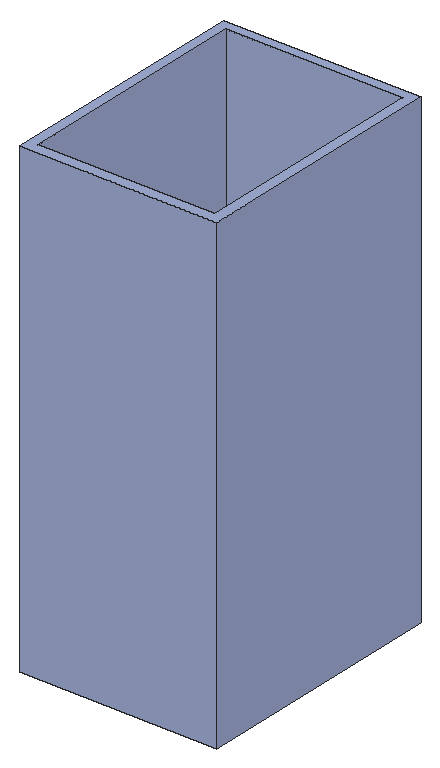
Revit family
Parameters (values of type "18x24")
  WIDTH = 2' - 0"
  T.O. VERT DUCT - AFF [instance] = 6' - 0"
  Material Thickness = 0' - 1"
  Material = Acoustical Surfaces - Quiet Liner
  LENGTH [instance] = 4' - 0"
  HEIGHT = 1' - 6"
Types (3): name | WIDTH | Material Thickness | HEIGHT
  (no name) | 2' - 0" | 0' - 1" | 1' - 6"
  18x24 | 2' - 0" | 0' - 1" | 1' - 6"
  24x30 | 2' - 6" | 0' - 2" | 2' - 0"
Reference planes (in)
  plane 1 "Center F/B": y = 1.97217
  plane 2: z = 0
  plane 3 "Center L/R": x = -0.82032
  plane 4: y = 13.97217
  plane 5: y = -10.02783
  plane 6 "CENTER OF DUCT": z = 72
  plane 7: x = -9.82032
  plane 8: x = 8.17968
  plane 9: z = 24
Forms (in)
  Sweep 1, solid, material "Acoustical Surfaces - Quiet Liner" <- "Material"
    path origin (0, 1.97217, 0) x (1, 0, 0) y (0, 0, 1)
      loop
        line (-0.82032, 72) -> (-0.82032, 24)
    profile origin (0, 1.97217, 48) x (0, -1, 0) y (1, 0, 0)
      loop
        line (-12, -9.82032) -> (12, -9.82032) -> (12, 8.17968) -> (-12, 8.17968) -> (-12, -9.82032)
      loop
        line (-13, -10.82032) -> (13, -10.82032) -> (13, 9.17968) -> (-13, 9.17968) -> (-13, -10.82032)
Lines and regions (in)
  symbolic lines, style "InvisibleLines"
    curve 1: line (-0.82032, 0, 72) -> (-0.82032, 0, 0)
  symbolic lines, style "DUCT"
    curve 2: line (-9.82032, 13.97217, 0) -> (8.17968, 13.97217, 0)
    curve 3: line (-9.82032, -10.02783, 0) -> (-9.82032, 13.97217, 0)
    curve 4: line (8.17968, -10.02783, 0) -> (-9.82032, -10.02783, 0)
    curve 5: line (8.17968, 13.97217, 0) -> (8.17968, -10.02783, 0)
Dimensions and locks (in)
  equal spacing: plane 5, plane 1 "Center F/B", plane 4
  "T.O. VERT DUCT - AFF": plane 6 "CENTER OF DUCT" to plane 2
  "WIDTH": plane 5 to plane 4
  equal spacing: plane 7, plane 3 "Center L/R", plane 8
  "HEIGHT": plane 7 to plane 8
  "LENGTH": plane 6 "CENTER OF DUCT" to plane 9
  "Material Thickness": Sweep 1 sketch curve to Sweep 1 sketch curve  (x4)
  aligned and locked: plane 2 to curve 1
  aligned and locked: curve 3 to plane 7
  aligned and locked: plane 8 to curve 5
  aligned and locked: plane 4 to curve 2
  aligned and locked: curve 4 to plane 5
  aligned and locked: plane 6 "CENTER OF DUCT" to Sweep 1 sketch curve
  aligned and locked: Sweep 1 sketch curve to curve 1
  aligned and locked: plane 9 to Sweep 1 sketch curve
  aligned and locked: curve 3 to Sweep 1 sketch curve
  aligned and locked: Sweep 1 sketch curve to curve 2
  aligned and locked: Sweep 1 sketch curve to curve 4
  aligned and locked: Sweep 1 sketch curve to curve 5
Automatic sketch dimensions
  curve 1 to plane 3 "Center L/R" = 0' - 0"
  curve 1 to plane 6 "CENTER OF DUCT" = 0' - 0"
